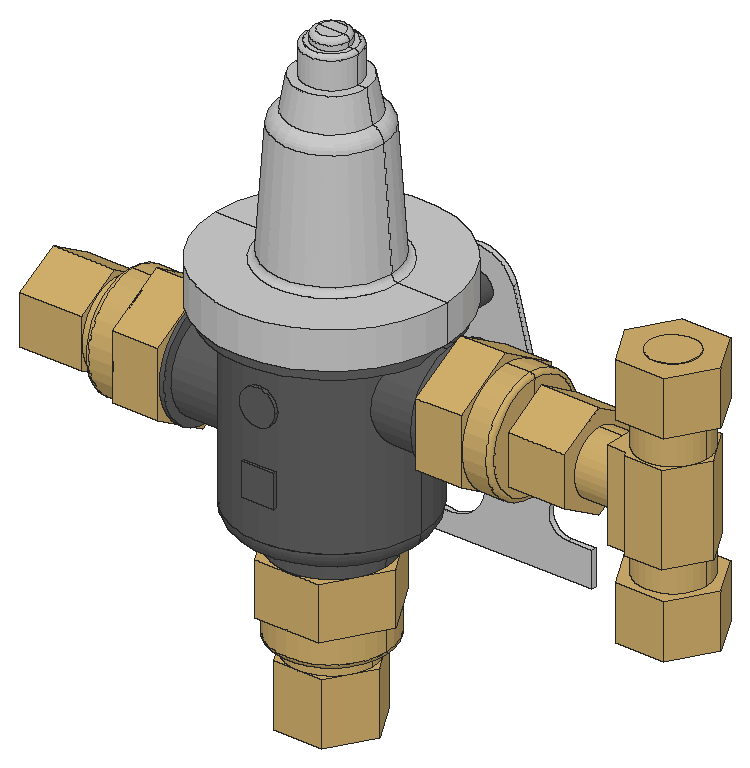
Revit family "Mixing_Valve-Sink_Faucet-Bradley_Corp-Navigator_TMV-S59-4000BY", category Pipe Accessories, Revit 2012 (continued)
Automatic sketch dimensions
  Revolve 5 sketch curve to Revolve 5 sketch curve = 0.13121"
  level to Revolve 5 sketch curve = 0.18898"
  level to Revolve 5 sketch curve = 0.330"
  Revolve 5 sketch curve to Revolve 5 sketch curve = 0.090"
  SweptBlend 8 sketch curve to plane 18 = 0.225"
  Extrusion 21 sketch curve to plane 1 "Center (Front/Back)" = 0.000"  (x2)
  Extrusion 21 sketch curve to plane 10 = 0.41788"
  plane 3 "Center (Left/Right)" to Extrusion 21 sketch curve = 0.25981"  (x2)
  Extrusion 21 sketch curve to plane 3 "Center (Left/Right)" = 0.25981"  (x2)
  Extrusion 21 sketch curve to plane 9 = 0.41788"
  Extrusion 21 sketch curve to plane 1 "Center (Front/Back)" = 0.450"
  plane 1 "Center (Front/Back)" to Extrusion 21 sketch curve = 0.450"
  Extrusion 31 sketch curve to plane 9 = 0.000"
  Extrusion 31 sketch curve to plane 10 = 0.000"
  plane 18 to Extrusion 31 sketch curve = 0.23145"
  Extrusion 31 sketch curve to Extrusion 31 sketch curve = 0.11107"  (x2)
  level to Extrusion 31 sketch curve = 0.20227"
  level to Extrusion 31 sketch curve = 0.30587"
  plane 3 "Center (Left/Right)" to Extrusion 31 sketch curve = 0.16498"
  Extrusion 31 sketch curve to Extrusion 31 sketch curve = 0.21773"  (x2)
  Extrusion 32 sketch curve to plane 15 = 0.000"
  Extrusion 32 sketch curve to plane 15 = 0.03798"
  Extrusion 32 sketch curve to plane 18 = 0.1548"
  plane 14 to Extrusion 32 sketch curve = 0.0381"
  plane 18 to Extrusion 32 sketch curve = 0.23145"
  plane 14 to Extrusion 32 sketch curve = 0.00012"
  plane 1 "Center (Front/Back)" to Extrusion 39 sketch curve = 0.26244"
  plane 16 to Extrusion 39 sketch curve = 0.03132"
  plane 19 to Extrusion 39 sketch curve = 0.15221"  (x2)
  Extrusion 39 sketch curve to plane 19 = 0.14829"  (x2)
  Extrusion 39 sketch curve to Extrusion 39 sketch curve = 0.02494"  (x2)
  Extrusion 39 sketch curve to Extrusion 39 sketch curve = 0.14772"
  Extrusion 39 sketch curve to plane 1 "Center (Front/Back)" = 0.000"
  Extrusion 39 sketch curve to plane 1 "Center (Front/Back)" = 0.26244"
  Extrusion 39 sketch curve to Extrusion 39 sketch curve = 0.30565"  (x2)
  Extrusion 40 sketch curve to plane 1 "Center (Front/Back)" = 0.000"
  Extrusion 40 sketch curve to plane 19 = 0.000"
  Extrusion 38 sketch curve to plane 1 "Center (Front/Back)" = 0.000"  (x2)
  Extrusion 38 sketch curve to plane 16 = 0.0295"
  plane 16 to Extrusion 38 sketch curve = 0.16525"  (x2)
  Extrusion 38 sketch curve to plane 19 = 0.19475"  (x2)
  plane 12 to Extrusion 38 sketch curve = 0.1247"
  Extrusion 38 sketch curve to plane 1 "Center (Front/Back)" = 0.33732"
  plane 1 "Center (Front/Back)" to Extrusion 38 sketch curve = 0.33732"
  Extrusion 37 sketch curve to plane 1 "Center (Front/Back)" = 0.000"  (x2)
  Extrusion 37 sketch curve to plane 16 = 0.0295"
  plane 16 to Extrusion 37 sketch curve = 0.16525"  (x2)
  plane 17 to Extrusion 37 sketch curve = 0.19475"  (x2)
  plane 12 to Extrusion 37 sketch curve = 0.1247"
  Extrusion 37 sketch curve to plane 1 "Center (Front/Back)" = 0.33732"
  plane 1 "Center (Front/Back)" to Extrusion 37 sketch curve = 0.33732"
  Extrusion 41 sketch curve to plane 1 "Center (Front/Back)" = 0.000"
  Extrusion 41 sketch curve to plane 19 = 0.000"
  Extrusion 42 sketch curve to plane 1 "Center (Front/Back)" = 0.000"
  Extrusion 42 sketch curve to plane 19 = 0.000"
  Revolve 14 sketch curve to plane 7 "HW Inlet" = 0.000"
  plane 11 to Revolve 14 sketch curve = 0.17107"
  level to Revolve 14 sketch curve = 0.03878"
  Revolve 14 sketch curve to plane 4 = 0.14418"
  Revolve 14 sketch curve to Revolve 14 sketch curve = 0.03622"
  plane 4 to Revolve 14 sketch curve = 0.22801"
  Revolve 20 sketch curve to level = 0.000"  (x2)
  Revolve 20 sketch curve to plane 12 = 0.17107"
  plane 5 to Revolve 20 sketch curve = 0.14418"
  Revolve 20 sketch curve to Revolve 20 sketch curve = 0.03622"
  Revolve 20 sketch curve to plane 5 = 0.22801"
  Revolve 20 sketch curve to plane 20 = 0.17822"
  Revolve 26 sketch curve to plane 3 "Center (Left/Right)" = 0.000"  (x2)
  plane 13 to Revolve 26 sketch curve = 0.17107"
  Revolve 26 sketch curve to plane 6 = 0.26918"
  Revolve 26 sketch curve to Revolve 26 sketch curve = 0.03622"
  plane 6 to Revolve 26 sketch curve = 0.10301"
  Revolve 26 sketch curve to Revolve 26 sketch curve = 0.41378"
  Extrusion 30 sketch curve to plane 9 = 0.000"
  Extrusion 30 sketch curve to plane 10 = 0.000"  (x2)
  Extrusion 30 sketch curve to plane 6 = 0.250"
  plane 6 to Extrusion 30 sketch curve = 0.02995"  (x2)
  Extrusion 30 sketch curve to Extrusion 30 sketch curve = 0.15029"  (x2)
  plane 6 to Extrusion 30 sketch curve = 0.18023"
  Extrusion 30 sketch curve to plane 18 = 0.1548"
  Extrusion 30 sketch curve to plane 9 = 0.25911"
  Extrusion 30 sketch curve to Extrusion 30 sketch curve = 0.25594"
  Extrusion 30 sketch curve to plane 3 "Center (Left/Right)" = 0.19759"
  Extrusion 30 sketch curve to plane 10 = 0.1938"
  curve 48 to curve 49 = 0.000"  (x2)
  curve 59 to curve 60 = 0.000"  (x2)
  curve 59 to curve 61 = 0.000"  (x2)
  curve 59 to curve 62 = 0.000"  (x2)
  curve 59 to curve 63 = 0.000"  (x2)
  curve 59 to curve 64 = 0.000"  (x2)
  curve 59 to curve 65 = 0.000"  (x2)
  curve 59 to curve 66 = 0.000"  (x2)
  curve 59 to curve 67 = 0.000"  (x2)
  curve 59 to curve 68 = 0.000"  (x2)
  curve 59 to curve 69 = 0.000"  (x2)
  curve 59 to curve 70 = 0.000"  (x2)
  curve 59 to curve 71 = 0.000"  (x2)
  curve 60 to curve 61 = 0.000"  (x2)
  curve 60 to curve 62 = 0.000"  (x2)
  curve 60 to curve 63 = 0.000"  (x2)
  curve 60 to curve 64 = 0.000"  (x2)
  curve 60 to curve 65 = 0.000"  (x2)
  curve 60 to curve 66 = 0.000"  (x2)
  curve 60 to curve 67 = 0.000"  (x2)
  curve 60 to curve 68 = 0.000"  (x2)
  curve 60 to curve 69 = 0.000"  (x2)
  curve 60 to curve 70 = 0.000"  (x2)
  curve 60 to curve 71 = 0.000"  (x2)
  curve 61 to curve 62 = 0.000"  (x2)
  curve 61 to curve 63 = 0.000"  (x2)
  curve 61 to curve 64 = 0.000"  (x2)
  curve 61 to curve 65 = 0.000"  (x2)
  curve 61 to curve 66 = 0.000"  (x2)
  curve 61 to curve 67 = 0.000"  (x2)
  curve 61 to curve 68 = 0.000"  (x2)
  curve 61 to curve 69 = 0.000"  (x2)
  curve 61 to curve 70 = 0.000"  (x2)
  curve 61 to curve 71 = 0.000"  (x2)
  curve 62 to curve 63 = 0.000"  (x2)
  curve 62 to curve 64 = 0.000"  (x2)
  curve 62 to curve 65 = 0.000"  (x2)
  curve 62 to curve 66 = 0.000"  (x2)
  curve 62 to curve 67 = 0.000"  (x2)
  curve 62 to curve 68 = 0.000"  (x2)
  curve 62 to curve 69 = 0.000"  (x2)
  curve 62 to curve 70 = 0.000"  (x2)
  curve 62 to curve 71 = 0.000"  (x2)
  curve 63 to curve 64 = 0.000"  (x2)
  curve 63 to curve 65 = 0.000"  (x2)
  curve 63 to curve 66 = 0.000"  (x2)
  curve 63 to curve 67 = 0.000"  (x2)
  curve 63 to curve 68 = 0.000"  (x2)
  curve 63 to curve 69 = 0.000"  (x2)
  curve 63 to curve 70 = 0.000"  (x2)
  curve 63 to curve 71 = 0.000"  (x2)
  curve 64 to curve 65 = 0.000"  (x2)
  curve 64 to curve 66 = 0.000"  (x2)
  curve 64 to curve 67 = 0.000"  (x2)
  curve 64 to curve 68 = 0.000"  (x2)
  curve 64 to curve 69 = 0.000"  (x2)
  curve 64 to curve 70 = 0.000"  (x2)
  curve 64 to curve 71 = 0.000"  (x2)
  curve 65 to curve 66 = 0.000"  (x2)
  curve 65 to curve 67 = 0.000"  (x2)
  curve 65 to curve 68 = 0.000"  (x2)
  curve 65 to curve 69 = 0.000"  (x2)
  curve 65 to curve 70 = 0.000"  (x2)
  curve 65 to curve 71 = 0.000"  (x2)
  curve 66 to curve 67 = 0.000"  (x2)
  curve 66 to curve 68 = 0.000"  (x2)
  curve 66 to curve 69 = 0.000"  (x2)
  curve 66 to curve 70 = 0.000"  (x2)
  curve 66 to curve 71 = 0.000"  (x2)
  curve 67 to curve 68 = 0.000"  (x2)
  curve 67 to curve 69 = 0.000"  (x2)
  curve 67 to curve 70 = 0.000"  (x2)
  curve 67 to curve 71 = 0.000"  (x2)
  curve 68 to curve 69 = 0.000"  (x2)
  curve 68 to curve 70 = 0.000"  (x2)
  curve 68 to curve 71 = 0.000"  (x2)
  curve 69 to curve 70 = 0.000"  (x2)
  curve 69 to curve 71 = 0.000"  (x2)
  curve 70 to curve 71 = 0.000"  (x2)
  plane 1 "Center (Front/Back)" to curve 48 = 0.000"
  curve 49 to plane 19 = 0.000"
  plane 1 "Center (Front/Back)" to curve 51 = 0.000"
  curve 31 to plane 10 = 0.000"
  curve 73 to plane 14 = 0.000"
  plane 1 "Center (Front/Back)" to curve 61 = 0.000"
  curve 66 to plane 3 "Center (Left/Right)" = 0.000"
  curve 31 to plane 9 = 0.000"
  plane 16 to curve 49 = 0.1725"
  curve 51 to plane 19 = 0.19475"
  curve 50 to plane 19 = 0.19475"
  plane 1 "Center (Front/Back)" to curve 52 = 0.11872"
  curve 49 to curve 52 = 0.13346"
  curve 50 to curve 53 = 0.12621"
  plane 12 to curve 51 = 0.1247"
  curve 54 to plane 12 = 0.0896"
  plane 5 to curve 55 = 0.20473"
  curve 55 to curve 72 = 0.06055"
  curve 56 to plane 5 = 0.08808"
  plane 10 to curve 57 = 0.10561"
  plane 10 to curve 58 = 0.0625"
  curve 59 to plane 10 = 0.08047"
  curve 59 to plane 10 = 0.08074"
  curve 71 to plane 10 = 0.42673"
  curve 71 to curve 73 = 0.00648"
  curve 73 to curve 38 = 0.00043"
  curve 61 to plane 10 = 0.45305"
  curve 38 to curve 38 = 0.03922"
  curve 38 to curve 36 = 0.08218"
  curve 61 to curve 69 = 0.14695"
  curve 69 to curve 62 = 0.00261"
  plane 14 to curve 39 = 0.04223"
  curve 36 to curve 39 = 0.08218"
  curve 62 to curve 68 = 0.0486"
  curve 39 to curve 41 = 0.03915"
  curve 41 to curve 39 = 0.00007"
  curve 63 to curve 67 = 0.07165"
  curve 64 to curve 66 = 0.07271"
  plane 14 to curve 35 = 0.0381"
  curve 35 to plane 3 "Center (Left/Right)" = 0.25129"
  curve 35 to curve 33 = 0.03922"
  curve 35 to curve 32 = 0.08218"
  curve 35 to curve 40 = 0.08218"
  curve 32 to curve 34 = 0.08218"
  curve 34 to curve 34 = 0.03922"
  curve 34 to curve 73 = 0.0006"
  curve 40 to curve 71 = 0.14396"
  curve 60 to plane 9 = 0.08099"
  curve 60 to plane 9 = 0.08047"
  plane 9 to curve 47 = 0.0625"
  curve 47 to curve 46 = 0.04311"
  plane 4 to curve 45 = 0.08808"
  curve 44 to plane 4 = 0.14418"
  curve 44 to curve 43 = 0.05027"
  curve 43 to curve 42 = 0.05915"
  curve 35 to curve 35 = 0.04356"
  curve 41 to plane 14 = 0.0996"
  curve 57 to plane 1 "Center (Front/Back)" = 0.450"
  curve 57 to curve 56 = 0.000"
  curve 46 to plane 1 "Center (Front/Back)" = 0.450"
  curve 45 to curve 46 = 0.000"
  curve 57 to curve 59 = 0.070"
  curve 57 to curve 58 = 0.070"
  curve 46 to curve 60 = 0.070"
  curve 46 to curve 47 = 0.070"
  curve 42 to plane 1 "Center (Front/Back)" = 0.3375"
  curve 50 to plane 1 "Center (Front/Back)" = 0.33732"
  curve 42 to curve 44 = 0.0375"
  curve 43 to curve 44 = 0.000"  (x2)
  curve 53 to curve 53 = 0.14372"
  curve 54 to plane 1 "Center (Front/Back)" = 0.25219"
  curve 55 to plane 1 "Center (Front/Back)" = 0.2125"
  curve 72 to curve 55 = 0.000"  (x2)
  plane 1 "Center (Front/Back)" to curve 72 = 0.2125"
  plane 1 "Center (Front/Back)" to curve 54 = 0.24781"
  curve 52 to curve 52 = 0.14372"
  plane 1 "Center (Front/Back)" to curve 44 = 0.300"
  curve 43 to curve 42 = 0.0375"
  curve 47 to curve 60 = 0.00119"
  curve 58 to curve 59 = 0.00062"
  curve 58 to curve 57 = 0.070"
  curve 44 to curve 45 = 0.150"
  curve 47 to curve 46 = 0.070"
  curve 72 to curve 56 = 0.2375"
  plane 1 "Center (Front/Back)" to Masking region 1 sketch curve = 0.000"
  Masking region 1 sketch curve to plane 14 = 0.000"
  plane 16 to Masking region 1 sketch curve = 0.16525"
  Masking region 1 sketch curve to plane 19 = 0.19475"
  Masking region 1 sketch curve to Masking region 1 sketch curve = 0.05168"  (x2)
  Masking region 1 sketch curve to plane 12 = 0.0896"  (x2)
  plane 5 to Masking region 1 sketch curve = 0.20473"
  Masking region 1 sketch curve to Masking region 1 sketch curve = 0.06055"  (x2)
  Masking region 1 sketch curve to Masking region 1 sketch curve = 0.03645"  (x4)
  plane 10 to Masking region 1 sketch curve = 0.0625"  (x2)
  Masking region 1 sketch curve to plane 10 = 0.08047"  (x2)
  Masking region 1 sketch curve to plane 14 = 0.20968"
  Masking region 1 sketch curve to Masking region 1 sketch curve = 0.4428"
  Masking region 1 sketch curve to plane 9 = 0.08047"
  plane 9 to Masking region 1 sketch curve = 0.0625"
  Masking region 1 sketch curve to plane 4 = 0.10773"  (x2)
  Masking region 1 sketch curve to Masking region 1 sketch curve = 0.05027"  (x2)
  Masking region 1 sketch curve to Masking region 1 sketch curve = 0.070"
  Masking region 1 sketch curve to Masking region 1 sketch curve = 0.2375"
  Masking region 1 sketch curve to Masking region 1 sketch curve = 0.03647"  (x2)
  Masking region 1 sketch curve to plane 1 "Center (Front/Back)" = 0.3375"
  Masking region 1 sketch curve to plane 1 "Center (Front/Back)" = 0.33732"
  Masking region 1 sketch curve to Masking region 1 sketch curve = 0.0375"  (x2)
  Masking region 1 sketch curve to Masking region 1 sketch curve = 0.08951"
  plane 1 "Center (Front/Back)" to Masking region 1 sketch curve = 0.2125"
  Masking region 1 sketch curve to Masking region 1 sketch curve = 0.125"
  Masking region 1 sketch curve to Masking region 1 sketch curve = 0.07463"  (x2)
  Masking region 1 sketch curve to Masking region 1 sketch curve = 0.0014"  (x2)
  plane 9 to Masking region 2 sketch curve = 0.000"
  Masking region 2 sketch curve to plane 10 = 0.000"
  Masking region 2 sketch curve to plane 4 = 0.2536"  (x2)
  Masking region 2 sketch curve to Masking region 2 sketch curve = 0.05915"  (x4)
  Masking region 2 sketch curve to Masking region 2 sketch curve = 0.05027"  (x3)
  Masking region 2 sketch curve to Masking region 2 sketch curve = 0.03662"
  Masking region 2 sketch curve to Masking region 2 sketch curve = 0.03864"
  Masking region 2 sketch curve to Masking region 2 sketch curve = 0.004"
  plane 4 to Masking region 2 sketch curve = 0.08808"  (x2)
  plane 9 to Masking region 2 sketch curve = 0.10561"  (x2)
  level to Masking region 2 sketch curve = 0.005"
  plane 9 to Masking region 2 sketch curve = 0.0625"
  Masking region 2 sketch curve to Masking region 2 sketch curve = 0.04311"  (x3)
  Masking region 2 sketch curve to plane 9 = 0.21508"
  plane 20 to Masking region 2 sketch curve = 0.12796"
  Masking region 2 sketch curve to plane 9 = 0.40134"
  plane 20 to Masking region 2 sketch curve = 0.17967"  (x2)
  Masking region 2 sketch curve to plane 6 = 0.250"  (x2)
  Masking region 2 sketch curve to plane 3 "Center (Left/Right)" = 0.44535"
  Masking region 2 sketch curve to Masking region 2 sketch curve = 0.08525"
  Masking region 2 sketch curve to Masking region 2 sketch curve = 0.03163"  (x2)
  Masking region 2 sketch curve to Masking region 2 sketch curve = 0.02401"
  Masking region 2 sketch curve to Masking region 2 sketch curve = 0.05221"  (x3)
  Masking region 2 sketch curve to Masking region 2 sketch curve = 0.11748"  (x2)
  Masking region 2 sketch curve to Masking region 2 sketch curve = 0.0375"  (x2)
  Masking region 2 sketch curve to Masking region 2 sketch curve = 0.0486"
  Masking region 2 sketch curve to plane 8 = 0.11161"
  Masking region 2 sketch curve to plane 3 "Center (Left/Right)" = 0.21464"
  Masking region 2 sketch curve to Masking region 2 sketch curve = 0.04105"  (x2)
  Masking region 2 sketch curve to plane 8 = 0.04071"  (x2)
  plane 3 "Center (Left/Right)" to Masking region 2 sketch curve = 0.10123"
  Masking region 2 sketch curve to Masking region 2 sketch curve = 0.03166"
  Masking region 2 sketch curve to Masking region 2 sketch curve = 0.07165"
  Masking region 2 sketch curve to Masking region 2 sketch curve = 0.08971"
  plane 3 "Center (Left/Right)" to Masking region 2 sketch curve = 0.30266"
  Masking region 2 sketch curve to Masking region 2 sketch curve = 0.03223"
  Masking region 2 sketch curve to Masking region 2 sketch curve = 0.07622"
  Masking region 2 sketch curve to plane 10 = 0.45305"
  Masking region 2 sketch curve to Masking region 2 sketch curve = 0.05171"
  Masking region 2 sketch curve to plane 7 "HW Inlet" = 0.005"
  plane 10 to Masking region 2 sketch curve = 0.0625"  (x2)
  Masking region 2 sketch curve to plane 5 = 0.08808"  (x2)
  plane 5 to Masking region 2 sketch curve = 0.10615"  (x2)
  Masking region 2 sketch curve to Masking region 2 sketch curve = 0.06057"  (x2)
  plane 5 to Masking region 2 sketch curve = 0.14416"
  Masking region 2 sketch curve to plane 12 = 0.0896"
  plane 20 to Masking region 2 sketch curve = 0.001"  (x2)
  plane 12 to Masking region 2 sketch curve = 0.1247"
  plane 12 to Masking region 2 sketch curve = 0.19325"
  Masking region 2 sketch curve to Masking region 2 sketch curve = 0.1131"
  Masking region 2 sketch curve to Masking region 2 sketch curve = 0.04455"
  plane 16 to Masking region 2 sketch curve = 0.0836"  (x2)
  Masking region 2 sketch curve to plane 16 = 0.0295"
  Masking region 2 sketch curve to Masking region 2 sketch curve = 0.1286"
  Masking region 2 sketch curve to Masking region 2 sketch curve = 0.01918"
  plane 18 to Masking region 2 sketch curve = 0.13038"
  Masking region 2 sketch curve to Masking region 2 sketch curve = 0.06962"  (x6)
  Masking region 2 sketch curve to Masking region 2 sketch curve = 0.070"  (x3)
  Masking region 2 sketch curve to plane 7 "HW Inlet" = 0.218"  (x2)
  Masking region 2 sketch curve to plane 7 "HW Inlet" = 0.01471"  (x2)
  plane 7 "HW Inlet" to Masking region 2 sketch curve = 0.12497"
  plane 7 "HW Inlet" to Masking region 2 sketch curve = 0.1625"
  Masking region 2 sketch curve to level = 0.075"
  Masking region 2 sketch curve to level = 0.0375"
  level to Masking region 2 sketch curve = 0.0386"
  level to Masking region 2 sketch curve = 0.2125"
  level to Masking region 2 sketch curve = 0.25003"
  Masking region 2 sketch curve to Masking region 2 sketch curve = 0.07997"
  Masking region 2 sketch curve to Masking region 2 sketch curve = 0.040"
  Masking region 2 sketch curve to Masking region 2 sketch curve = 0.13969"
  Masking region 2 sketch curve to Masking region 2 sketch curve = 0.02228"
  Masking region 2 sketch curve to Masking region 2 sketch curve = 0.432"
  Masking region 2 sketch curve to Masking region 2 sketch curve = 0.11327"
  Masking region 2 sketch curve to Masking region 2 sketch curve = 0.000"
  Masking region 2 sketch curve to Masking region 2 sketch curve = 0.00821"
  Masking region 2 sketch curve to Masking region 2 sketch curve = 0.250"
  Masking region 2 sketch curve to Masking region 2 sketch curve = 0.07091"
  Masking region 2 sketch curve to plane 10 = 0.04785"
  Masking region 2 sketch curve to Masking region 2 sketch curve = 0.13962"
  curve 12 to level = 0.000"
  curve 13 to plane 7 "HW Inlet" = 0.000"
  plane 9 to curve 117 = 0.000"
  plane 9 to curve 118 = 0.000"
  curve 143 to plane 13 = 0.000"
  curve 92 to plane 3 "Center (Left/Right)" = 0.000"
  curve 16 to plane 3 "Center (Left/Right)" = 0.000"
  curve 5 to plane 3 "Center (Left/Right)" = 0.000"
  curve 7 to plane 3 "Center (Left/Right)" = 0.000"
  curve 144 to plane 13 = 0.000"
  curve 15 to level = 0.000"
  curve 116 to plane 10 = 0.000"
  plane 10 to curve 117 = 0.000"
  curve 100 to plane 20 = 0.000"
  curve 30 to plane 18 = 0.000"
  curve 15 to plane 19 = 0.000"
  curve 82 to plane 4 = 0.2536"
  curve 84 to curve 85 = 0.05915"
  curve 85 to curve 86 = 0.05027"
  plane 4 to curve 87 = 0.08808"
  curve 87 to curve 12 = 0.22171"
  plane 9 to curve 88 = 0.10561"
  plane 9 to curve 89 = 0.0625"
  curve 4 to plane 9 = 0.0355"
  curve 79 to plane 9 = 0.04785"
  plane 20 to curve 7 = 0.068"
  curve 7 to plane 9 = 0.1755"
  level to curve 90 = 0.005"
  curve 11 to curve 90 = 0.17958"
  plane 6 to curve 128 = 0.02995"
  curve 128 to plane 9 = 0.25911"
  curve 122 to plane 18 = 0.00439"
  curve 122 to curve 122 = 0.15041"
  curve 6 to curve 78 = 0.22566"
  curve 130 to plane 6 = 0.03692"
  curve 128 to curve 130 = 0.15878"
  curve 78 to curve 77 = 0.05189"
  curve 126 to curve 138 = 0.06962"
  curve 125 to curve 124 = 0.06962"
  curve 124 to curve 134 = 0.070"
  curve 138 to curve 142 = 0.1125"
  curve 76 to plane 3 "Center (Left/Right)" = 0.33489"
  curve 142 to curve 141 = 0.0375"
  curve 140 to curve 141 = 0.000"  (x2)
  curve 134 to curve 131 = 0.12019"
  curve 17 to curve 16 = 0.250"
  curve 75 to plane 3 "Center (Left/Right)" = 0.21464"
  curve 141 to curve 143 = 0.10514"
  curve 91 to level = 0.03966"
  curve 91 to curve 91 = 0.14385"
  curve 74 to plane 3 "Center (Left/Right)" = 0.14193"
  curve 94 to plane 3 "Center (Left/Right)" = 0.12982"
  curve 94 to curve 9 = 0.01282"
  plane 3 "Center (Left/Right)" to curve 10 = 0.117"
  curve 8 to curve 95 = 0.01298"
  plane 3 "Center (Left/Right)" to curve 74 = 0.14193"
  plane 3 "Center (Left/Right)" to curve 144 = 0.19486"
  plane 3 "Center (Left/Right)" to curve 75 = 0.21464"
  curve 144 to curve 17 = 0.05514"
  plane 3 "Center (Left/Right)" to curve 132 = 0.25981"
  curve 144 to curve 140 = 0.10514"
  curve 75 to curve 76 = 0.12025"
  curve 141 to curve 142 = 0.0375"
  curve 132 to curve 135 = 0.12019"
  curve 135 to curve 137 = 0.070"
  curve 140 to curve 139 = 0.150"
  curve 77 to curve 6 = 0.27755"
  curve 137 to curve 133 = 0.06962"
  curve 77 to curve 78 = 0.05071"
  curve 121 to plane 18 = 0.00439"
  curve 135 to curve 121 = 0.19201"
  curve 97 to plane 10 = 0.24008"
  curve 145 to plane 7 "HW Inlet" = 0.005"
  curve 145 to plane 10 = 0.08105"
  curve 81 to plane 10 = 0.06803"
  curve 79 to plane 10 = 0.04785"
  curve 79 to curve 81 = 0.00001"
  curve 3 to plane 10 = 0.0355"
  plane 10 to curve 115 = 0.0625"
  curve 115 to curve 114 = 0.04311"
  curve 113 to plane 5 = 0.08808"
  plane 5 to curve 112 = 0.20473"
  curve 110 to plane 12 = 0.0896"
  plane 12 to curve 106 = 0.2378"
  plane 12 to curve 100 = 0.2378"
  plane 12 to curve 101 = 0.2378"
  curve 105 to plane 7 "HW Inlet" = 0.01471"
  curve 105 to curve 106 = 0.000"
  curve 30 to curve 28 = 0.250"
  curve 29 to curve 28 = 0.250"
  curve 29 to curve 98 = 0.05525"
  curve 30 to curve 107 = 0.05525"
  curve 105 to curve 102 = 0.10317"
  curve 102 to curve 103 = 0.02494"
  plane 19 to curve 104 = 0.15221"
  plane 16 to curve 99 = 0.16525"
  plane 16 to curve 108 = 0.16525"
  curve 99 to curve 29 = 0.05525"
  curve 108 to curve 30 = 0.05525"
  curve 108 to curve 106 = 0.08165"
  plane 16 to curve 105 = 0.0836"
  curve 99 to curve 100 = 0.08165"
  plane 16 to curve 101 = 0.0836"
  curve 143 to curve 131 = 0.34169"
  curve 142 to curve 141 = 0.05915"
  curve 141 to curve 140 = 0.05027"
  curve 140 to curve 139 = 0.01918"
  curve 140 to curve 138 = 0.01918"
  curve 129 to curve 128 = 0.15029"
  curve 127 to curve 136 = 0.05406"
  curve 134 to curve 134 = 0.0702"
  plane 18 to curve 9 = 0.02521"
  plane 18 to curve 87 = 0.200"
  plane 18 to curve 88 = 0.200"
  curve 88 to curve 118 = 0.03145"
  plane 18 to curve 116 = 0.23145"
  curve 118 to curve 89 = 0.03855"
  curve 118 to curve 90 = 0.03855"
  plane 18 to curve 94 = 0.29075"
  plane 18 to curve 84 = 0.3125"
  curve 84 to curve 85 = 0.0375"
  curve 86 to curve 85 = 0.000"  (x2)
  curve 94 to curve 5 = 0.07425"
  curve 14 to plane 7 "HW Inlet" = 0.250"
  curve 106 to curve 105 = 0.20329"
  curve 14 to curve 83 = 0.05514"
  curve 3 to plane 7 "HW Inlet" = 0.125"
  curve 4 to plane 7 "HW Inlet" = 0.125"
  curve 96 to plane 7 "HW Inlet" = 0.09946"
  curve 114 to plane 7 "HW Inlet" = 0.075"
  curve 113 to plane 7 "HW Inlet" = 0.075"
  curve 115 to plane 7 "HW Inlet" = 0.005"
  plane 7 "HW Inlet" to curve 109 = 0.13101"
  plane 7 "HW Inlet" to curve 112 = 0.1625"
  curve 109 to curve 110 = 0.04913"
  curve 82 to level = 0.18014"
  curve 82 to curve 14 = 0.05514"
  curve 85 to level = 0.075"
  curve 84 to level = 0.0375"
  level to curve 87 = 0.075"
  level to curve 88 = 0.075"
  level to curve 111 = 0.19486"
  curve 111 to curve 112 = 0.01764"
  curve 111 to curve 109 = 0.06115"
  curve 101 to curve 100 = 0.262"
  curve 119 to plane 20 = 0.262"
  curve 7 to plane 20 = 0.22094"
  curve 80 to curve 115 = 0.050"
  curve 80 to curve 81 = 0.05002"
  curve 81 to curve 79 = 0.03998"
  curve 113 to plane 20 = 0.142"
  curve 115 to curve 114 = 0.070"
  curve 79 to curve 3 = 0.080"
  curve 79 to curve 2 = 0.080"
  plane 20 to curve 78 = 0.12796"
  curve 78 to curve 77 = 0.05171"
  plane 20 to curve 29 = 0.432"
  curve 76 to plane 8 = 0.57863"
  curve 76 to curve 75 = 0.250"
  curve 74 to plane 8 = 0.07995"
  curve 169 to curve 177 = 0.000"  (x2)
  curve 184 to plane 18 = 0.000"
  curve 151 to plane 20 = 0.000"
  curve 22 to plane 1 "Center (Front/Back)" = 0.000"
  curve 177 to level = 0.000"
  curve 177 to plane 1 "Center (Front/Back)" = 0.000"
  curve 27 to plane 1 "Center (Front/Back)" = 0.000"
  curve 24 to plane 1 "Center (Front/Back)" = 0.000"
  curve 188 to plane 14 = 0.000"
  curve 190 to plane 15 = 0.000"
  curve 27 to plane 18 = 0.010"
  plane 1 "Center (Front/Back)" to curve 27 = 0.117"
  curve 146 to plane 8 = 0.07995"
  plane 1 "Center (Front/Back)" to curve 146 = 0.18291"
  plane 1 "Center (Front/Back)" to curve 147 = 0.21464"
  plane 1 "Center (Front/Back)" to curve 181 = 0.2764"
  plane 1 "Center (Front/Back)" to curve 177 = 0.27672"
  plane 7 "HW Inlet" to curve 165 = 0.03185"
  curve 165 to curve 181 = 0.02924"
  curve 158 to curve 174 = 0.02277"
  curve 148 to curve 147 = 0.12025"
  curve 150 to curve 162 = 0.06059"
  curve 185 to curve 25 = 0.22032"
  curve 178 to curve 179 = 0.03185"
  curve 192 to curve 184 = 0.04268"
  curve 193 to curve 192 = 0.000"
  curve 164 to curve 178 = 0.1125"
  curve 155 to curve 155 = 0.14713"
  curve 154 to curve 155 = 0.05296"
  curve 158 to curve 163 = 0.27242"
  curve 23 to curve 158 = 0.03958"
  curve 157 to curve 23 = 0.12765"
  plane 18 to curve 21 = 0.150"
  curve 21 to curve 184 = 0.56468"
  curve 22 to curve 25 = 0.117"
  curve 146 to plane 1 "Center (Front/Back)" = 0.14193"
  curve 147 to plane 1 "Center (Front/Back)" = 0.21464"
  curve 159 to plane 1 "Center (Front/Back)" = 0.2762"
  curve 182 to plane 7 "HW Inlet" = 0.01471"
  curve 182 to plane 1 "Center (Front/Back)" = 0.2764"
  curve 182 to curve 169 = 0.02924"
  curve 173 to curve 160 = 0.02277"
  curve 147 to curve 148 = 0.12025"
  curve 161 to curve 152 = 0.06112"
  curve 182 to curve 183 = 0.06091"
  curve 171 to curve 170 = 0.03185"
  curve 185 to curve 193 = 0.04268"
  curve 192 to curve 193 = 0.000"
  curve 170 to curve 167 = 0.1125"
  curve 156 to curve 156 = 0.14713"
  curve 156 to curve 153 = 0.05963"
  plane 7 "HW Inlet" to curve 187 = 0.09685"
  curve 166 to curve 187 = 0.2724"
  curve 160 to plane 14 = 0.11035"
  curve 159 to curve 160 = 0.000"
  curve 18 to plane 14 = 0.098"
  plane 14 to curve 189 = 0.0381"
  curve 192 to plane 18 = 0.1548"
  curve 191 to plane 18 = 0.1548"
  curve 193 to curve 192 = 0.0702"
  curve 27 to curve 22 = 0.334"
  curve 191 to plane 6 = 0.250"
  plane 18 to curve 20 = 0.150"
  curve 18 to curve 190 = 0.08145"
  curve 18 to curve 187 = 0.19971"
  curve 183 to curve 173 = 0.20329"
  curve 187 to curve 188 = 0.12215"
  plane 7 "HW Inlet" to curve 166 = 0.03185"
  curve 166 to curve 169 = 0.01288"
  curve 165 to curve 177 = 0.01288"
  plane 7 "HW Inlet" to curve 166 = 0.11519"
  plane 7 "HW Inlet" to curve 165 = 0.11519"
  curve 169 to curve 172 = 0.11703"
  curve 177 to curve 180 = 0.11703"
  curve 180 to curve 178 = 0.01839"
  curve 172 to curve 172 = 0.01839"
  level to curve 24 = 0.04941"
  level to curve 19 = 0.125"
  level to curve 18 = 0.125"
  curve 170 to curve 169 = 0.16041"
  curve 178 to curve 177 = 0.160"
  curve 178 to curve 179 = 0.01839"
  curve 170 to curve 171 = 0.01839"
  curve 178 to curve 164 = 0.06495"
  curve 170 to curve 167 = 0.06495"
  curve 24 to curve 22 = 0.23559"
  curve 173 to curve 169 = 0.02526"
  curve 173 to curve 160 = 0.000"
  curve 158 to curve 174 = 0.000"
  curve 163 to curve 157 = 0.06015"
  curve 168 to curve 159 = 0.05985"
  curve 189 to plane 20 = 0.08181"
  plane 20 to curve 153 = 0.12796"
  plane 20 to curve 154 = 0.12796"
  curve 153 to curve 156 = 0.05171"
  curve 154 to curve 155 = 0.05171"
  curve 156 to curve 152 = 0.25233"
  curve 148 to curve 146 = 0.49868"
  curve 147 to curve 146 = 0.24868"
  plane 20 to Masking region 3 sketch curve = 0.17967"  (x2)
  plane 1 "Center (Front/Back)" to Masking region 3 sketch curve = 0.48445"
  Masking region 3 sketch curve to Masking region 3 sketch curve = 0.11974"  (x2)
  Masking region 3 sketch curve to Masking region 3 sketch curve = 0.18626"
  Masking region 3 sketch curve to Masking region 3 sketch curve = 0.16723"
  Masking region 3 sketch curve to Masking region 3 sketch curve = 0.04785"  (x2)
  Masking region 3 sketch curve to Masking region 3 sketch curve = 0.08516"
  Masking region 3 sketch curve to Masking region 3 sketch curve = 0.03663"  (x2)
  Masking region 3 sketch curve to Masking region 3 sketch curve = 0.070"
  Masking region 3 sketch curve to Masking region 3 sketch curve = 0.03055"  (x2)
  Masking region 3 sketch curve to Masking region 3 sketch curve = 0.0375"
  Masking region 3 sketch curve to Masking region 3 sketch curve = 0.0486"
  Masking region 3 sketch curve to plane 8 = 0.11361"
  plane 1 "Center (Front/Back)" to Masking region 3 sketch curve = 0.21464"
  Masking region 3 sketch curve to Masking region 3 sketch curve = 0.03174"  (x2)
  Masking region 3 sketch curve to Masking region 3 sketch curve = 0.04097"  (x2)
  Masking region 3 sketch curve to Masking region 3 sketch curve = 0.03879"
  Masking region 3 sketch curve to plane 8 = 0.0416"  (x2)
  Masking region 3 sketch curve to plane 1 "Center (Front/Back)" = 0.10024"
  Masking region 3 sketch curve to Masking region 3 sketch curve = 0.00291"
  Masking region 3 sketch curve to Masking region 3 sketch curve = 0.07165"
  Masking region 3 sketch curve to plane 1 "Center (Front/Back)" = 0.300"
  Masking region 3 sketch curve to plane 1 "Center (Front/Back)" = 0.30434"
  Masking region 3 sketch curve to plane 1 "Center (Front/Back)" = 0.3375"
  Masking region 3 sketch curve to plane 18 = 0.1548"
  Masking region 3 sketch curve to plane 1 "Center (Front/Back)" = 0.380"
  Masking region 3 sketch curve to Masking region 3 sketch curve = 0.07587"
  Masking region 3 sketch curve to Masking region 3 sketch curve = 0.11572"
  Masking region 3 sketch curve to plane 1 "Center (Front/Back)" = 0.48445"
  Masking region 3 sketch curve to Masking region 3 sketch curve = 0.05171"
  Masking region 3 sketch curve to plane 18 = 0.00212"
  Masking region 3 sketch curve to plane 14 = 0.11035"
  plane 14 to Masking region 3 sketch curve = 0.0381"  (x2)
  Masking region 3 sketch curve to Masking region 3 sketch curve = 0.00412"  (x3)
  Masking region 3 sketch curve to plane 6 = 0.31945"  (x2)
  Masking region 3 sketch curve to Masking region 3 sketch curve = 0.05027"  (x2)
  Masking region 3 sketch curve to Masking region 3 sketch curve = 0.0702"  (x2)
  Masking region 3 sketch curve to plane 18 = 0.225"
  Masking region 3 sketch curve to plane 7 "HW Inlet" = 0.2999"
  Masking region 3 sketch curve to plane 7 "HW Inlet" = 0.09559"
  level to Masking region 3 sketch curve = 0.08105"
  Masking region 3 sketch curve to Masking region 3 sketch curve = 0.16436"
  Masking region 3 sketch curve to Masking region 3 sketch curve = 0.090"
  Masking region 3 sketch curve to Masking region 3 sketch curve = 0.09614"
  Masking region 3 sketch curve to Masking region 3 sketch curve = 0.36191"
  Masking region 3 sketch curve to Masking region 3 sketch curve = 0.11191"
  Masking region 3 sketch curve to Masking region 3 sketch curve = 0.00809"
  Masking region 3 sketch curve to Masking region 3 sketch curve = 0.250"
  Masking region 3 sketch curve to Masking region 3 sketch curve = 0.07201"
  Masking region 3 sketch curve to Masking region 3 sketch curve = 0.00187"
  radius of SweptBlend 6 sketch curve = 0.450"
  radius of SweptBlend 7 sketch curve = 0.420"
  radius of SweptBlend 7 sketch curve = 0.450"
  radius of Extrusion 11 sketch curve = 0.3375"
  radius of Extrusion 12 sketch curve = 0.300"
  radius of Extrusion 13 sketch curve = 0.450"
  radius of Extrusion 23 sketch curve = 0.3375"
  radius of Extrusion 24 sketch curve to Extrusion 23 = 0.0375"
  radius of Extrusion 24 to Extrusion 25 sketch curve = 0.150"
  radius of Extrusion 17 sketch curve = 0.250"
  radius of Extrusion 18 sketch curve to Extrusion 17 = 0.0375"
  radius of Extrusion 36 sketch curve = 0.14385"
  radius of SweptBlend 8 sketch curve = 0.420"
  radius of SweptBlend 8 sketch curve = 0.450"
  radius of Extrusion 40 sketch curve = 0.2764"
Nested families (in)
  nested 1: "TMV Valve Symbol" at (0, 0, 0), type "TMV Valve Symbol", detail levels coarse+medium
Connectors (in)
  piping at (-2.2508, 0, -0.375), driven by "NPT Radius", driven by "Pressure Drop", driven by "Domestic Hot In"
    settings: on Extrusion 27, index 1, connector radius 3/16", flow factor 0, pipe flow 0.000 GPM, pressure drop 45.00 psi, fitting loss kfactor 0, connector angle 0.00°, fixture units 0, engagement length 0.000", flow configuration 1, flow direction 1, fitting loss method 4, system type 29, joint type 0, gender type 0, connector reference index -1, connector utility 0, adjustable connector no, is connector primary yes, fitting loss table "", connector description "Hot Water In"
  piping at (0, 0, -2.62465), driven by "NPT Radius", driven by "Pressure Drop", driven by "Tempered Water Flow"
    settings: on Extrusion 29, index 3, connector radius 3/16", flow factor 0, pipe flow 0.000 GPM, pressure drop 45.00 psi, fitting loss kfactor 0, connector angle 0.00°, fixture units 0, engagement length 0.000", flow configuration 0, flow direction 2, fitting loss method 4, system type 29, joint type 0, gender type 0, connector reference index -1, connector utility 0, adjustable connector no, is connector primary no, fitting loss table "", connector description "Tempered Water Flow"
  piping at (2.7642, 0, 1.024), driven by "Domestic Cold In", driven by "Pressure Drop", driven by "NPT Radius"
    settings: on Extrusion 38, index 4, connector radius 3/16", flow factor 0, pipe flow 0.000 GPM, pressure drop 45.00 psi, fitting loss kfactor 0, connector angle 0.00°, fixture units 0, engagement length 0.000", flow configuration 1, flow direction 1, fitting loss method 4, system type 29, joint type 0, gender type 0, connector reference index -1, connector utility 0, adjustable connector no, is connector primary no, fitting loss table "", connector description "Cold Water In"
  piping at (2.7642, 0, -1.025), driven by "NPT Radius"
    settings: on Extrusion 37, index 5, connector radius 3/16", flow factor 0, pipe flow 0.000 GPM, pressure drop 0.00 psi, fitting loss kfactor 0, connector angle 0.00°, fixture units 0, engagement length 0.000", flow configuration 1, flow direction 2, fitting loss method 4, system type 29, joint type 0, gender type 0, connector reference index -1, connector utility 0, adjustable connector no, is connector primary no, fitting loss table "", connector description "Cold Water Out"
Definition of nested family "TMV Valve Symbol"
  Reference planes (in)
    plane 1: y = 0
    plane 2: x = 0
  Lines and regions (in)
    Filled region 1, type "Filled region 1"
      outline origin (0, 0, 0) x (1, 0, 0) y (0, 1, 0)
        loop
          line (-0.01592, -0.06365) -> (0, -0.11085) -> (0.01718, -0.06365) -> (-0.01592, -0.06365)
    detail lines
      curve 1: line (-0.0703, 0.03897, 0) -> (-0.0703, -0.03897, 0)
      curve 2: line (-0.0703, -0.03897, 0) -> (0, 0, 0)
      curve 3: line (0, 0, 0) -> (-0.0703, 0.03897, 0)
      curve 4: line (0, 0.06583, 0) -> (0, -0.06365, 0)
      curve 5: line (0.0703, 0.03897, 0) -> (0.0703, -0.03897, 0)
      curve 6: line (0.0703, -0.03897, 0) -> (0, 0, 0)
      curve 7: line (0, 0, 0) -> (0.0703, 0.03897, 0)
      curve 8: line (-0.06551, 0.06583, 0) -> (0.06551, 0.06583, 0)
      curve 9: arc (-0.06551, 0.06583, 0) -> (0, 0.11224, 0) -> (0.06551, 0.06583, 0) r 0.06943
      curve 10: line (0.0703, 0, 0) -> (0.12054, 0, 0)
      curve 11: line (-0.0703, 0, 0) -> (-0.12054, 0, 0)
  Dimensions and locks (in)
    equal spacing: curve 8, plane 2, curve 8
    Filled region 1 sketch curve to plane 2 to Filled region 1 sketch curve = 0.01592", 0.01718"
    equal spacing: curve 1, plane 2, curve 5
    equal spacing: curve 3, plane 1, curve 2
    angle curve 6 to curve 7 = 58.00°
    aligned and locked: plane 1 to curve 10
